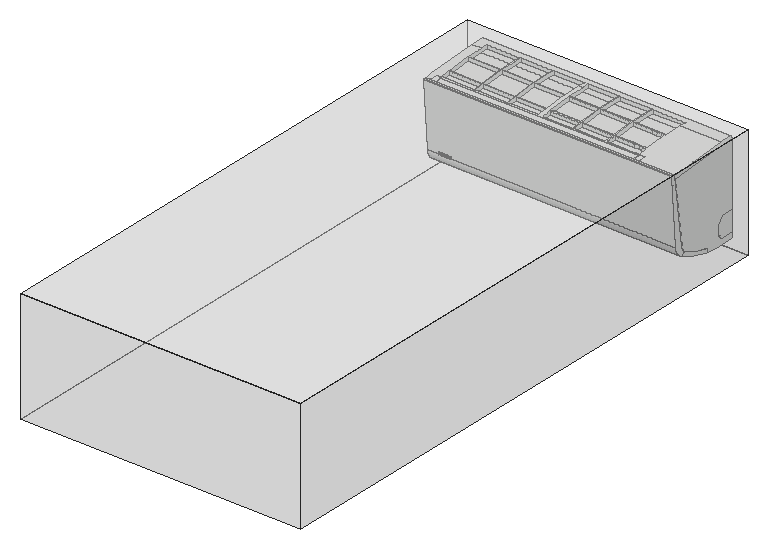
Revit family "outputfile", category 機械設備, Revit 2024
Family settings
  丸型コネクタ寸法 = 半径を使用
  パーツ タイプ = 標準
  OmniClass 番号 = 23.75.10.24.21.27.27
  OmniClass タイトル = Split System Air Conditioning Units
  作業面ベース = いいえ
  常に垂直 = はい
  ロード時にボイドで切り取り = いいえ
  注釈の向きを維持 = いいえ
  共有 = いいえ
  部屋計算ポイント = いいえ
Parameters (values of type "FTKF35CVA")
  Description = ""
  書き出し IFC クラス(タイプ) = "IfcUnitaryEquipmentType"
  定義済み IFC タイプ(タイプ) = "AIRCONDITIONINGUNIT"
  Cost = 0
  Type Comments = ""
  Keynote = ""
  Type Image = (empty or 0)
  Assembly Code = ""
  switch_frequency = yes
  lw_connection [instance] = if(Width = 730.0 mm, 85.0 mm, if(Width = 770.0 mm, 48.0 mm, 60.0 mm))  # 48.0 mm
  製造元 = "Daikin"
  モデル = "FTKF35CVA"
  r_Liquid Pipe Size = Liquid Pipe Size / 2  # 3.2 mm
  r_Gas Pipe Size = Gas Pipe Size / 2  # 4.75 mm
  r_Drain Pipe Size = Drain Pipe Size / 2  # 9.55 mm
  lw_powersupply [instance] = if(Width = 730.0 mm, if(or(Rear Right Connection_refrigerant, Bottom Right Connection_refrigerant), 65.0 mm, if(or(Rear Left Connection_refrigerant, Bottom Left Connection_refrigerant), 695.0 mm, 400.0 mm)), if(Width = 770.0 mm, if(or(Rear Right Connection_refrigerant, Bottom Right Connection_refrigerant), 68.0 mm, if(or(Rear Left Connection_refrigerant, Bottom Left Connection_refrigerant), 705.0 mm, 400.0 mm)), if(or(Rear Right Connection_refrigerant, Bottom Right Connection_refrigerant), 83.0 mm, if(or(Rear Left Connection_refrigerant, Bottom Left Connection_refrigerant), 928.0 mm, 400.0 mm))))  # 400.0 mm
  lw_liquidpipe [instance] = if(Width = 730.0 mm, if(or(Rear Right Connection_refrigerant, Bottom Right Connection_refrigerant), 0.0 mm, if(or(Rear Left Connection_refrigerant, Bottom Left Connection_refrigerant), 582.0 mm, 473.0 mm)), if(Width = 770.0 mm, if(or(Rear Right Connection_refrigerant, Bottom Right Connection_refrigerant), 0.0 mm, if(or(Rear Left Connection_refrigerant, Bottom Left Connection_refrigerant), 682.0 mm, 385.0 mm)), if(or(Rear Right Connection_refrigerant, Bottom Right Connection_refrigerant), 10.0 mm, if(or(Rear Left Connection_refrigerant, Bottom Left Connection_refrigerant), 858.0 mm, 435.0 mm))))  # 385.0 mm
  lw_gaspipe [instance] = if(Width = 730.0 mm, if(or(Rear Right Connection_refrigerant, Bottom Right Connection_refrigerant), 0.0 mm, if(or(Rear Left Connection_refrigerant, Bottom Left Connection_refrigerant), 576.0 mm, 428.0 mm)), if(Width = 770.0 mm, if(or(Rear Right Connection_refrigerant, Bottom Right Connection_refrigerant), 0.0 mm, if(or(Rear Left Connection_refrigerant, Bottom Left Connection_refrigerant), 675.0 mm, 335.0 mm)), if(or(Rear Right Connection_refrigerant, Bottom Right Connection_refrigerant), 0.0 mm, if(or(Rear Left Connection_refrigerant, Bottom Left Connection_refrigerant), 851.0 mm, 400.0 mm))))  # 335.0 mm
  lw_drainpipe [instance] = if(Width = 730.0 mm, if(or(Rear Right Connection_refrigerant, Bottom Right Connection_refrigerant), 0.0 mm, if(or(Rear Left Connection_refrigerant, Bottom Left Connection_refrigerant), 590.0 mm, 488.0 mm)), if(Width = 770.0 mm, if(or(Rear Right Connection_refrigerant, Bottom Right Connection_refrigerant), 0.0 mm, if(or(Rear Left Connection_refrigerant, Bottom Left Connection_refrigerant), 695.0 mm, 440.0 mm)), if(or(Rear Right Connection_refrigerant, Bottom Right Connection_refrigerant), 0.0 mm, if(or(Rear Left Connection_refrigerant, Bottom Left Connection_refrigerant), 888.0 mm, 475.0 mm))))  # 440.0 mm
  l_powersupply_length [instance] = if(Width = 730.0 mm, if(Right Connection_refrigerant, 400.0 mm, if(Left Connection_refrigerant, 330.0 mm, if(or(Bottom Left Connection_refrigerant, Bottom Right Connection_refrigerant), 57.0 mm, if(or(Rear Left Connection_refrigerant, Rear Right Connection_refrigerant), 15.0 mm, 50.0 mm)))), if(Width = 770.0 mm, if(Right Connection_refrigerant, 400.0 mm, if(Left Connection_refrigerant, 370.0 mm, if(or(Bottom Left Connection_refrigerant, Bottom Right Connection_refrigerant), 57.0 mm, if(or(Rear Left Connection_refrigerant, Rear Right Connection_refrigerant), 15.0 mm, 50.0 mm)))), if(Right Connection_refrigerant, 400.0 mm, if(Left Connection_refrigerant, 590.0 mm, if(or(Bottom Left Connection_refrigerant, Bottom Right Connection_refrigerant), 57.0 mm, if(or(Rear Left Connection_refrigerant, Rear Right Connection_refrigerant), 15.0 mm, 50.0 mm))))))  # 400.0 mm
  l_liquidpipe_length [instance] = if(Width = 730.0 mm, if(Right Connection_refrigerant, 558.0 mm, if(Left Connection_refrigerant, 172.0 mm, if(or(Bottom Left Connection_refrigerant, Bottom Right Connection_refrigerant), 48.0 mm, if(or(Rear Left Connection_refrigerant, Rear Right Connection_refrigerant), 30.0 mm, 40.0 mm)))), if(Width = 770.0 mm, if(Right Connection_refrigerant, 433.0 mm, if(Left Connection_refrigerant, 337.0 mm, if(or(Bottom Left Connection_refrigerant, Bottom Right Connection_refrigerant), 48.0 mm, if(or(Rear Left Connection_refrigerant, Rear Right Connection_refrigerant), 30.0 mm, 40.0 mm)))), if(Right Connection_refrigerant, 495.0 mm, if(Left Connection_refrigerant, 495.0 mm, if(or(Bottom Left Connection_refrigerant, Bottom Right Connection_refrigerant), 48.0 mm, if(or(Rear Left Connection_refrigerant, Rear Right Connection_refrigerant), 30.0 mm, 40.0 mm))))))  # 433.0 mm
  l_gaspipe_length [instance] = if(Width = 730.0 mm, if(Right Connection_refrigerant, 513.0 mm, if(Left Connection_refrigerant, 217.0 mm, if(or(Bottom Left Connection_refrigerant, Bottom Right Connection_refrigerant), 57.0 mm, if(or(Rear Left Connection_refrigerant, Rear Right Connection_refrigerant), 40.0 mm, 50.0 mm)))), if(Width = 770.0 mm, if(Right Connection_refrigerant, 383.0 mm, if(Left Connection_refrigerant, 387.0 mm, if(or(Bottom Left Connection_refrigerant, Bottom Right Connection_refrigerant), 57.0 mm, if(or(Rear Left Connection_refrigerant, Rear Right Connection_refrigerant), 40.0 mm, 50.0 mm)))), if(Right Connection_refrigerant, 460.0 mm, if(Left Connection_refrigerant, 530.0 mm, if(or(Bottom Left Connection_refrigerant, Bottom Right Connection_refrigerant), 57.0 mm, if(or(Rear Left Connection_refrigerant, Rear Right Connection_refrigerant), 40.0 mm, 50.0 mm))))))  # 383.0 mm
  l_drainpipe_length [instance] = if(Width = 730.0 mm, if(Right Connection_refrigerant, 573.0 mm, if(Left Connection_refrigerant, 157.0 mm, if(or(Bottom Left Connection_refrigerant, Bottom Right Connection_refrigerant), 35.0 mm, if(or(Rear Left Connection_refrigerant, Rear Right Connection_refrigerant), 15.0 mm, 20.0 mm)))), if(Width = 770.0 mm, if(Right Connection_refrigerant, 488.0 mm, if(Left Connection_refrigerant, 282.0 mm, if(or(Bottom Left Connection_refrigerant, Bottom Right Connection_refrigerant), 35.0 mm, if(or(Rear Left Connection_refrigerant, Rear Right Connection_refrigerant), 15.0 mm, 20.0 mm)))), if(Right Connection_refrigerant, 535.0 mm, if(Left Connection_refrigerant, 455.0 mm, if(or(Bottom Left Connection_refrigerant, Bottom Right Connection_refrigerant), 35.0 mm, if(or(Rear Left Connection_refrigerant, Rear Right Connection_refrigerant), 15.0 mm, 20.0 mm))))))  # 488.0 mm
  h*** = 0.0 mm  # constant formula
  connector_voltage = Voltage_60Hz  # 220 V
  connector_powerinput = [Power Input (Cooling)]  # 0.000 kW
  connector_phase = Phase_60Hz  # 1
  angle_vertical [instance] = if(or(Bottom Left Connection_refrigerant, Bottom Right Connection_refrigerant), 0.00°, 90.00°)  # 90.00°
  angle_horizontal [instance] = if(Right Connection_refrigerant, 90.00°, if(Left Connection_refrigerant, -90.00°, if(or(Rear Left Connection_refrigerant, Rear Right Connection_refrigerant), 180.00°, 0.00°)))  # 90.00°
  Width = 770.0 mm
  Voltage_comment_60Hz = "220"
  Voltage_60Hz = 220 V
  Version = "ver.1.0"
  Unit Type = "Wall Mounted"
  Unit Mass Weight = 9.00 kg
  Unit Designation [instance] = ""
  Uniclass2015Version = "Products v1.30"
  Uniclass2015Title = "Split coil room air conditioning units"
  Uniclass2015Code = "Pr_70_65_03_86"
  URL = ""
  Total Cooling Capacity [instance] = 0.000 kW
  Sound Pressure Level_M speed (dBA) = 34
  Sound Pressure Level_L speed (dBA) = 26
  Sound Pressure Level_H speed (dBA) = 39
  Sound Power Level_H speed (dB) = 0
  Series = "Single Split_Fan Coil Unit"
  Sensible Cooling Capacity [instance] = 0.000 kW
  Refrigerant Type = "R32"
  Power Input (Cooling) = 0.000 kW
  Phase_60Hz = 1
  Option Accessory 3 [instance] = ""
  Option Accessory 2 [instance] = ""
  Option Accessory 1 [instance] = ""
  Nominal Cooling Capacity = 3.600 kW
  Minimum Circuit Amps_60Hz = 0.0 A
  Minimum Airflow = 425.00 m³/h
  Median Airflow = 561.00 m³/h
  Maximum Fuse Amps_60Hz = 0.0 A
  Maximum Airflow = 680.00 m³/h
  Material_Casing = DAIKIN_White_Casing_indoorunit
  Load Classification = HVAC
  Liquid Pipe Size = 6.4 mm
  Link_Nested Family [instance] = ""
  IfcVersion = ""
  IfcExportType = "AIRCONDITIONINGUNIT"
  IfcExportAs = "IfcUnitaryEquipmentType"
  Height = 288.0 mm
  Heat Exchanger Type = "Cross Fin Coil"
  Gas Pipe Size = 9.5 mm
  Frequency_60Hz = 60 Hz
  Fan Type = "Cross Flow Fan"
  Fan Drive = "Direct Drive"
  FCU Tag No. [instance] = ""
  Drain Pipe Size = 19.1 mm
  Design Supply Airflow [instance] = 0.00 m³/h
  Depth = 234.0 mm
  既定の高さ = 0.0 mm
  Cooling Entering Wet Bulb Temperature [instance] = 0.00 °C
  Cooling Entering Dry Bulb Temperature [instance] = 0.00 °C
  Cooling Ambient Wet Bulb Temperature [instance] = 0.00 °C
  Cooling Ambient Dry Bulb Temperature [instance] = 0.00 °C
  Clearance visibility [instance] = yes
  Clearance Top = 30.0 mm
  Clearance Right = 50.0 mm
  Clearance Rear = 0.0 mm
  Clearance Left = 50.0 mm
  Clearance Front = 1500.0 mm
  Clearance Bottom = 30.0 mm
  Bottom Right Connection_refrigerant [instance] = no
  Bottom Left Connection_refrigerant [instance] = no
  Rear Right Connection_refrigerant [instance] = no
  Rear Left Connection_refrigerant [instance] = no
  Right Connection_refrigerant [instance] = yes
  Left Connection_refrigerant [instance] = no
Reference planes
  plane 1 "Back": y = 0
  plane 2: z = 0
  plane 3 "Center (Left/Right)": x = 0
  plane 4 "Center (Front/Back)": y = -117
  plane 5 "Front": y = -234
  plane 6 "Left": x = -385
  plane 7 "Right": x = 385
  plane 8 "Top": z = 0
  plane 9 "Bottom": z = -288
  plane 10 "Front panel_Left": x = -383
  plane 11 "Front panel_Right": x = 383
  plane 12: x = 249
  plane 13: x = 244
  plane 14: x = -435
  plane 15: x = 435
  plane 16: y = 0
  plane 17: y = -213
  plane 18: z = 30
  plane 19: z = -318
  plane 20 "lw_Piping and Wiring intake": x = 337
  plane 21 "lw_gaspipe": x = 2
  plane 22 "lw_liquidpipe": x = -48
  plane 23 "lw_drainpipe": x = -103
  plane 24 "lh_drainpipe": z = -253
  plane 25 "lh_liquidpipe": z = -240
  plane 26 "lh_gaspipe": z = -231
  plane 27 "ld_drainpipe": y = -15
  plane 28 "ld_liquidpipe": y = -30
  plane 29 "ld_gaspipe": y = -40
  plane 30 "lw_powersupply": x = -15
  plane 31: y = -1734
Dimensions and locks
  equal spacing: plane 6 "Left", plane 3 "Center (Left/Right)", plane 7 "Right"
  "Width": plane 6 "Left" to plane 7 "Right"
  equal spacing: plane 5 "Front", plane 4 "Center (Front/Back)", plane 1 "Back"
  "Depth": plane 5 "Front" to plane 1 "Back"
  "Height": plane 8 "Top" to plane 9 "Bottom"
  locked: plane 10 "Front panel_Left" to plane 6 "Left" at 2
  locked: plane 7 "Right" to plane 11 "Front panel_Right" at 2
  locked: plane 7 "Right" to plane 12 at 136
  locked: plane 12 to plane 13 at 5
  "Clearance Rear": plane 16 to plane 1 "Back"
  "Clearance Top": plane 18 to plane 8 "Top"
  "Clearance Bottom": plane 9 "Bottom" to plane 19
  "lw_connection": plane 20 "lw_Piping and Wiring intake" to plane 7 "Right"
  "lw_gaspipe": plane 21 "lw_gaspipe" to plane 20 "lw_Piping and Wiring intake"
  "lw_liquidpipe": plane 22 "lw_liquidpipe" to plane 20 "lw_Piping and Wiring intake"
  "lw_drainpipe": plane 23 "lw_drainpipe" to plane 20 "lw_Piping and Wiring intake"
  locked: plane 24 "lh_drainpipe" to plane 9 "Bottom" at 35
  locked: plane 25 "lh_liquidpipe" to plane 9 "Bottom" at 48
  locked: plane 26 "lh_gaspipe" to plane 9 "Bottom" at 57
  locked: plane 27 "ld_drainpipe" to plane 1 "Back" at 15
  locked: plane 1 "Back" to plane 28 "ld_liquidpipe" at 30
  locked: plane 1 "Back" to plane 29 "ld_gaspipe" at 40
  "lw_powersupply": plane 30 "lw_powersupply" to plane 7 "Right"
  "Clearance Left": plane 14 to plane 6 "Left"
  "Clearance Right": plane 7 "Right" to plane 15
  "Clearance Front": plane 5 "Front" to plane 31
  aligned and locked: level to plane 2
  aligned and locked: plane 16 to nested 1
  aligned and locked: nested 1 to plane 14
  aligned and locked: nested 1 to plane 15
  aligned and locked: plane 19 to nested 1
  aligned and locked: plane 18 to nested 1
  aligned and locked: plane 21 "lw_gaspipe" to nested 2
  aligned and locked: nested 2 to plane 29 "ld_gaspipe"
  aligned and locked: plane 22 "lw_liquidpipe" to nested 3
  aligned and locked: nested 3 to plane 28 "ld_liquidpipe"
  aligned and locked: plane 23 "lw_drainpipe" to nested 4
  aligned and locked: nested 4 to plane 27 "ld_drainpipe"
  aligned and locked: nested 5 to plane 27 "ld_drainpipe"
  aligned and locked: plane 30 "lw_powersupply" to nested 5
  aligned and locked: level to plane 8 "Top"
  aligned and locked: nested 1 to plane 31
Nested families
  nested 1: "daikin_clearancespace" at (0, -867, -143.881), show <- "Clearance visibility", visible <- "Clearance visibility", Link_Nested Family <- "Link_Nested Family", type "daikin_clearancespace"
    with width 870.0 mm, show yes, height 348.0 mm, depth 1734.0 mm, Link_Nested Family ""
  nested 2: "daikin_connector_rotate3" at (2, -40, -231), angle_vertical <- "angle_vertical", angle_horizontal <- "angle_horizontal", length <- "l_gaspipe_length", radius <- "r_Gas Pipe Size", type "daikin_connector_rotate3"
    with show no, radius 4.75 mm, length 383.0 mm, angle_vertical 90.00°, angle_horizontal 90.00°
  nested 3: "daikin_connector_rotate3" at (-48, -30, -240), angle_vertical <- "angle_vertical", angle_horizontal <- "angle_horizontal", radius <- "r_Liquid Pipe Size", length <- "l_liquidpipe_length", type "daikin_connector_rotate3"
    with show no, radius 3.2 mm, length 433.0 mm, angle_vertical 90.00°, angle_horizontal 90.00°
  nested 4: "daikin_connector_rotate3" at (-103, -15, -253), angle_vertical <- "angle_vertical", angle_horizontal <- "angle_horizontal", length <- "l_drainpipe_length", radius <- "r_Drain Pipe Size", type "daikin_connector_rotate3"
    with show no, radius 9.55 mm, length 488.0 mm, angle_vertical 90.00°, angle_horizontal 90.00°
  nested 5: "daikin_connector_rotate3" at (-15, -15, -231), angle_vertical <- "angle_vertical", angle_horizontal <- "angle_horizontal", length <- "l_powersupply_length", type "daikin_connector_rotate3"
    with show no, radius 10.0 mm, length 400.0 mm, angle_vertical 90.00°, angle_horizontal 90.00°
  nested 6: "DAIKIN_indoorunit_FTKF-CVA" at (-31, 0, 0), type "FTKF-CVA"
    with switch_unit1_35-50 yes, switch_unit1_20-25 no, Width 770.0 mm, WALL HOLE-R 48.0 mm, Height 288.0 mm
Connectors
  piping at (385, -40, -231), diameter 9.5, driven by "r_Gas Pipe Size"
    settings: on nested 2, index 1, connector inside diameter 609.6 mm, connector length 0.0 mm, flow factor 0, pipe flow 0.00 m³/h, pressure drop 0.0 Pa, fitting loss kfactor 0, connector angle 0.00°, fixture units 0, engagement length 0.0 mm, angle of deflection 0.00°, flow configuration 1, flow direction 2, fitting loss method 0, system type 29, joint type 0, gender type 0, connector reference index -1, connector utility 0, adjustable connector no, is connector primary yes, connector description "Refrigerant Gas Piping"
  piping at (385, -30, -240), diameter 6.4, driven by "r_Liquid Pipe Size"
    settings: on nested 3, index 2, connector inside diameter 609.6 mm, connector length 0.0 mm, flow factor 0, pipe flow 0.00 m³/h, pressure drop 0.0 Pa, fitting loss kfactor 0, connector angle 0.00°, fixture units 0, engagement length 0.0 mm, angle of deflection 0.00°, flow configuration 1, flow direction 1, fitting loss method 0, system type 29, joint type 0, gender type 0, connector reference index -1, connector utility 0, adjustable connector no, is connector primary no, connector description "Refrigerant Liquid Piping"
  piping at (385, -15, -253), diameter 19.1, driven by "r_Drain Pipe Size"
    settings: on nested 4, index 3, connector inside diameter 609.6 mm, connector length 0.0 mm, flow factor 0, pipe flow 0.00 m³/h, pressure drop 0.0 Pa, fitting loss kfactor 0, connector angle 0.00°, fixture units 0, engagement length 0.0 mm, angle of deflection 0.00°, flow configuration 1, flow direction 2, fitting loss method 4, system type 16, joint type 0, gender type 0, connector reference index -1, connector utility 0, adjustable connector no, is connector primary no, connector description "Condensate Drain Piping"
  electrical at (385, -15, -231), driven by "Load Classification", driven by "connector_phase", driven by "connector_powerinput", driven by "connector_voltage"
    settings: on nested 5, index 4, voltage 220 V, apparent load 0 VA, apparent load phase1 0 VA, apparent load phase2 0 VA, apparent load phase3 0 VA, power factor 1, load classification "HVAC", number of poles 1, system type 30, power factor state 1, is connector primary yes, connector utility no, sub classification motor no, connector description "Power Supply"
Definition of nested family "daikin_clearancespace"
  Parameters (values of type "daikin_clearancespace")
    Description = "daikin_clearancespace"
    width [instance] = 1823.963 mm
    show [instance] = yes
    material = none
    height [instance] = 1359.762 mm
    depth [instance] = 880.0 mm
    Default Elevation = 0.0 mm
    Link_Nested Family [instance] = ""
  Reference planes
    plane 1 "Center (Front/Back)": y = 0
    plane 2 "Center (Elevation)": z = -0.119
    plane 3 "Center (Left/Right)": x = 0
    plane 4: y = 440
    plane 5: y = -440
    plane 6 "Right": x = 911.982
    plane 7 "Left": x = -911.982
    plane 8 "Top": z = 679.762
    plane 9 "Bottom": z = -680
  Forms (mm)
    Extrusion 1, solid, material <- "material", visible <- "show"
      sketch origin (0, 0, 0) x (1, 0, 0) y (0, 1, 0)
        loop
          line (-911.982, 440) -> (-911.982, -440) -> (911.982, -440) -> (911.982, 440) -> (-911.982, 440)
      from -680 to 679.762
  Lines and regions (mm)
    symbolic lines, visible <- "show"
      curve 1: line (911.982, 440, 0) -> (-911.982, 440, 0)
      curve 2: line (-911.982, 440, 0) -> (-911.982, -440, 0)
      curve 3: line (-911.982, -440, 0) -> (911.982, -440, 0)
      curve 4: line (911.982, -440, 0) -> (911.982, 440, 0)
      curve 5: line (911.982, 0, 679.762) -> (-911.982, 0, 679.762)
      curve 6: line (911.982, 0, -680) -> (911.982, 0, 679.762)
      curve 7: line (-911.982, 0, -680) -> (911.982, 0, -680)
      curve 8: line (-911.982, 0, 679.762) -> (-911.982, 0, -680)
      curve 9: line (0, 440, 679.762) -> (0, -440, 679.762)
      curve 10: line (0, -440, 679.762) -> (0, -440, -680)
      curve 11: line (0, 440, -680) -> (0, 440, 679.762)
      curve 12: line (0, -440, -680) -> (0, 440, -680)
  Dimensions and locks
    "width": plane 7 "Left" to plane 6 "Right"
    "depth": plane 4 to plane 5
    "height": plane 8 "Top" to plane 9 "Bottom"
    equal spacing: plane 7 "Left", plane 3 "Center (Left/Right)", plane 6 "Right"
    equal spacing: plane 4, plane 1 "Center (Front/Back)", plane 5
    equal spacing: plane 8 "Top", plane 2 "Center (Elevation)", plane 9 "Bottom"
    aligned and locked: level to plane 2 "Center (Elevation)"
    aligned and locked: Extrusion 1 sketch curve to plane 4
    aligned and locked: plane 7 "Left" to Extrusion 1 sketch curve
    aligned and locked: Extrusion 1 sketch curve to plane 5
    aligned and locked: Extrusion 1 sketch curve to plane 6 "Right"
    aligned and locked: plane 8 "Top" to Extrusion 1
    aligned and locked: curve 1 to Extrusion 1
    aligned and locked: curve 2 to Extrusion 1
    aligned and locked: curve 3 to Extrusion 1
    aligned and locked: curve 4 to Extrusion 1
    aligned and locked: curve 5 to Extrusion 1
    aligned and locked: curve 6 to Extrusion 1
    aligned and locked: curve 7 to Extrusion 1
    aligned and locked: curve 8 to Extrusion 1
    aligned and locked: curve 9 to Extrusion 1
    aligned and locked: curve 10 to Extrusion 1
    aligned and locked: curve 11 to Extrusion 1
    aligned and locked: curve 12 to Extrusion 1
    aligned and locked: Extrusion 1 to plane 9 "Bottom"
Definition of nested family "DAIKIN_indoorunit_FTKF-CVA"
  Parameters (values of type "FTKF-CVA")
    switch_unit1_60-71 = Width = 990.0 mm  # no
    switch_unit1_35-50 = Width = 770.0 mm  # no
    switch_unit1_20-25 = Width = 730.0 mm  # yes
    Width = 730.0 mm
    WALL HOLE-R = if(Width = 730.0 mm, 79.0 mm, 48.0 mm)  # 79.0 mm
    Material_Casing = none
    Height = if(Width = 730.0 mm, 280.0 mm, if(Width = 770.0 mm, 288.0 mm, 297.0 mm))  # 280.0 mm
    Default Elevation = 0.0 mm
  Reference planes
    plane 1 "Center (Front/Back)": y = 0
    plane 2 "reference_level": z = 0
    plane 3 "Center (Left/Right)": x = 31
    plane 4: x = -334
    plane 5: x = 396
    plane 6: z = -280
  Forms (mm)
    Extrusion 1, solid, material <- "Material_Casing", visible <- "switch_unit1_20-25"
      sketch origin (31, 0, 0) x (0, 1, 0) y (0, 0, 1)
        loop
          line (-109.519, -8) -> (-2.596, -8) -> (-8.198, 0) -> (-109.608, 0)
          arc (-109.608, 0) -> (-157.226, -5.2) -> (-202.599, -20.555) r 220.623
          line (-202.599, -20.555) -> (-202.447, -29.25)
          arc (-202.447, -29.25) -> (-157.182, -13.38) -> (-109.519, -8) r 213.82
      from -365 to 365
    Extrusion 2, solid, material <- "Material_Casing", visible <- "switch_unit1_20-25"
      sketch origin (416, 1304.033, 1200.206) x (0, 1, 0) y (0, 0, 1)
        loop
          arc (-1496.513, -1423.164) -> (-1487.225, -1434.204) -> (-1476.373, -1443.711) r 95
          arc (-1476.373, -1443.711) -> (-1448.371, -1461.92) -> (-1418.191, -1476.232) r 250
          line (-1418.191, -1476.232) -> (-1418.191, -1465.318)
          arc (-1418.191, -1465.318) -> (-1445.052, -1452.134) -> (-1470.063, -1435.711) r 240
          arc (-1470.063, -1435.711) -> (-1477.766, -1429.186) -> (-1484.641, -1421.794) r 85
          line (-1484.641, -1421.794) -> (-1496.513, -1423.164)
      from -20 to -177
    Extrusion 3, solid, material <- "Material_Casing", visible <- "switch_unit1_20-25"
      sketch origin (31, 0, 0) x (0, 1, 0) y (0, 0, 1)
        loop
          line (-202.769, -10.816) -> (-211.618, -13.692)
          arc (-211.618, -13.692) -> (-212.628, -14.432) -> (-213, -15.629) r 2
          line (-213, -15.629) -> (-210.348, -167.5)
          arc (-210.348, -167.5) -> (-206.029, -195.818) -> (-193.465, -221.562) r 95
          line (-193.465, -221.562) -> (-181.653, -220.199)
          arc (-181.653, -220.199) -> (-195.31, -195.356) -> (-200.037, -167.403) r 85
          line (-200.037, -167.403) -> (-202.769, -10.816)
      from -365 to 365
    Extrusion 4, solid, material <- "Material_Casing", visible <- "switch_unit1_20-25"
      sketch origin (31, 0, 0) x (0, 1, 0) y (0, 0, 1)
        loop
          line (0, -280) -> (0, -11.707) -> (-2.596, -8) -> (-109.519, -8)
          arc (-109.519, -8) -> (-156.378, -13.198) -> (-200.959, -28.539) r 213.82
          line (-200.959, -28.539) -> (-198.537, -167.295)
          arc (-198.537, -167.295) -> (-189.766, -204.754) -> (-165.131, -234.305) r 83.5
          arc (-165.131, -234.305) -> (-139.841, -250.873) -> (-112.659, -264.109) r 238.5
          line (-112.659, -264.109) -> (-112.659, -276.338)
          arc (-112.659, -276.338) -> (-100.834, -279.079) -> (-88.731, -280) r 80
          line (-88.731, -280) -> (0, -280)
      from -365 to 365
    Extrusion 5, solid, material <- "Material_Casing", visible <- "switch_unit1_20-25"
      sketch origin (-354, 1304.033, 1200.206) x (0, 1, 0) y (0, 0, 1)
        loop
          arc (-1496.513, -1423.164) -> (-1487.225, -1434.204) -> (-1476.373, -1443.711) r 95
          arc (-1476.373, -1443.711) -> (-1448.371, -1461.92) -> (-1418.191, -1476.232) r 250
          line (-1418.191, -1476.232) -> (-1418.191, -1465.318)
          arc (-1418.191, -1465.318) -> (-1445.052, -1452.134) -> (-1470.063, -1435.711) r 240
          arc (-1470.063, -1435.711) -> (-1477.766, -1429.186) -> (-1484.641, -1421.794) r 85
          line (-1484.641, -1421.794) -> (-1496.513, -1423.164)
      from 72 to 20
    Extrusion 6, solid, material <- "Material_Casing", visible <- "switch_unit1_20-25"
      sketch origin (31, 7.782, 0.206) x (0, 1, 0) y (0, 0, 1)
        loop
          line (-188.39, -221.794) -> (-200.262, -223.164)
          arc (-200.262, -223.164) -> (-190.975, -234.204) -> (-180.122, -243.711) r 95
          arc (-180.122, -243.711) -> (-152.12, -261.92) -> (-121.941, -276.232) r 250
          line (-121.941, -276.232) -> (-121.941, -265.318)
          arc (-121.941, -265.318) -> (-148.801, -252.134) -> (-173.813, -235.711) r 240
          arc (-173.813, -235.711) -> (-181.515, -229.186) -> (-188.39, -221.794) r 85
      from 204 to -309
    Extrusion 7, void
      sketch origin (31, 0, -235) x (1, 0, 0) y (0, 1, 0)
        loop
          line (-324.633, -72.419) -> (-304, -73.5) -> (-234.9, -73.5) -> (-234.9, -24.5) -> (-324.633, -24.5) -> (-324.633, -72.419)
        loop
          line (-304, -74.9) -> (-324.633, -75.939) -> (-324.633, -139.819) -> (-304, -140.9) -> (-234.9, -140.9) -> (-234.9, -74.9) -> (-304, -74.9)
        loop
          line (-304, -142.3) -> (-324.633, -143.326) -> (-324.633, -182.209) -> (-300, -183.5) -> (-234.9, -183.5) -> (-234.9, -142.3) -> (-304, -142.3)
        loop
          line (-233.5, -142.3) -> (-233.5, -183.5) -> (-146.9, -183.5) -> (-146.9, -142.3) -> (-233.5, -142.3)
        loop
          line (-233.5, -140.9) -> (-146.9, -140.9) -> (-146.9, -74.9) -> (-233.5, -74.9) -> (-233.5, -140.9)
        loop
          line (-233.5, -73.5) -> (-146.9, -73.5) -> (-146.9, -24.5) -> (-233.5, -24.5) -> (-233.5, -73.5)
        loop
          line (-145.5, -73.5) -> (-74.9, -73.5) -> (-54.9, -72.452) -> (-54.9, -24.5) -> (-145.5, -24.5) -> (-145.5, -73.5)
        loop
          line (-145.5, -74.9) -> (-145.5, -140.9) -> (-74.9, -140.9) -> (-54.9, -139.852) -> (-54.9, -75.948) -> (-74.9, -74.9) -> (-145.5, -74.9)
        loop
          line (-145.5, -142.3) -> (-145.5, -183.5) -> (-74.9, -183.5) -> (-54.9, -182.452) -> (-54.9, -143.348) -> (-74.9, -142.3) -> (-145.5, -142.3)
        loop
          line (-53.5, -24.5) -> (-53.5, -72.452) -> (-33.5, -73.5) -> (36.5, -73.5) -> (36.5, -24.5) -> (-53.5, -24.5)
        loop
          line (-53.5, -75.948) -> (-53.5, -139.852) -> (-33.5, -140.9) -> (36.5, -140.9) -> (36.5, -74.9) -> (-33.5, -74.9) -> (-53.5, -75.948)
        loop
          line (-33.5, -142.3) -> (-53.5, -143.348) -> (-53.5, -182.452) -> (-33.5, -183.5) -> (36.5, -183.5) -> (36.5, -142.3) -> (-33.5, -142.3)
        loop
          line (37.9, -24.5) -> (37.9, -73.5) -> (124.9, -73.5) -> (124.9, -24.5) -> (37.9, -24.5)
        loop
          line (37.9, -74.9) -> (37.9, -140.9) -> (124.9, -140.9) -> (124.9, -74.9) -> (37.9, -74.9)
        loop
          line (37.9, -142.3) -> (37.9, -183.5) -> (124.9, -183.5) -> (124.9, -142.3) -> (37.9, -142.3)
        loop
          line (126.3, -24.5) -> (126.3, -73.5) -> (195.6, -73.5) -> (216, -72.431) -> (216, -24.5) -> (126.3, -24.5)
        loop
          line (126.3, -74.9) -> (126.3, -140.9) -> (198.5, -140.9) -> (216, -139.983) -> (216, -75.817) -> (198.5, -74.9) -> (126.3, -74.9)
        loop
          line (126.3, -142.3) -> (126.3, -183.5) -> (198.337, -183.5) -> (216, -182.623) -> (216, -143.217) -> (198.5, -142.3) -> (126.3, -142.3)
      from 201.638 to 250
    Extrusion 8, solid, material <- "Material_Casing"
      sketch origin (31, 0, 0) x (1, 0, 0) y (0, 0, 1)
        loop
          circle (286, -235) r 40
        loop
          circle (-317, -235) r 40
      from 0 to 5
    Extrusion 9, solid, material <- "Material_Casing", visible <- "switch_unit1_20-25"
      sketch origin (396, 1296.25, 1200) x (0, -1, 0) y (0, 0, 1)
        loop
          line (1326.25, -1413) -> (1296.25, -1413) -> (1296.25, -1473) -> (1326.25, -1473)
          arc (1326.25, -1473) -> (1340.393, -1467.142) -> (1346.25, -1453) r 20
          line (1346.25, -1453) -> (1346.25, -1433)
          arc (1346.25, -1433) -> (1340.393, -1418.858) -> (1326.25, -1413) r 20
      from 0 to 5
    Extrusion 10, solid, material <- "Material_Casing", visible <- "switch_unit1_20-25"
      sketch origin (-334, 1296.25, 1200) x (0, 1, 0) y (0, 0, 1)
        loop
          line (-1296.25, -1413) -> (-1326.25, -1413)
          arc (-1326.25, -1413) -> (-1340.393, -1418.858) -> (-1346.25, -1433) r 20
          line (-1346.25, -1433) -> (-1346.25, -1453)
          arc (-1346.25, -1453) -> (-1340.393, -1467.142) -> (-1326.25, -1473) r 20
          line (-1326.25, -1473) -> (-1296.25, -1473) -> (-1296.25, -1413)
      from 0 to 5
    Extrusion 11, solid, material <- "Material_Casing", visible <- "switch_unit1_20-25"
      sketch origin (11, 0, -285) x (-1, 0, 0) y (0, -1, 0)
        loop
          line (-279, 0) -> (-279, 30)
          arc (-279, 30) -> (-284.419, 43.081) -> (-297.5, 48.5) r 18.5
          line (-297.5, 48.5) -> (-320.5, 48.5)
          arc (-320.5, 48.5) -> (-333.581, 43.081) -> (-339, 30) r 18.5
          line (-339, 30) -> (-339, 0) -> (-279, 0)
        loop
          line (326, 0) -> (326, 30)
          arc (326, 30) -> (320.581, 43.081) -> (307.5, 48.5) r 18.5
          line (307.5, 48.5) -> (284.5, 48.5)
          arc (284.5, 48.5) -> (271.419, 43.081) -> (266, 30) r 18.5
          line (266, 30) -> (266, 0) -> (326, 0)
      from 10 to 5
    Extrusion 12, solid, material <- "Material_Casing", visible <- "switch_unit1_35-50"
      sketch origin (31, 0, 0) x (0, 1, 0) y (0, 0, 1)
        loop
          line (-5, 0) -> (-45.84, 0)
          arc (-45.84, 0) -> (-135.906, -3.965) -> (-225.275, -15.831) r 1024.823
          arc (-225.275, -15.831) -> (-224.639, -21.302) -> (-223.878, -26.758) r 241.564
          arc (-223.878, -26.758) -> (-135.207, -14.947) -> (-45.84, -11) r 1013.66
          line (-45.84, -11) -> (0, -11) -> (0, -9.02) -> (-5, 0)
      from -385 to 385
    Extrusion 13, solid, material <- "Material_Casing", visible <- "switch_unit1_35-50"
      sketch origin (31, 0, 0) x (0, 1, 0) y (0, 0, 1)
        loop
          arc (-226.673, -12.416) -> (-229.519, -12.929) -> (-232.363, -13.449) r 1025.776
          arc (-232.363, -13.449) -> (-233.586, -14.198) -> (-233.994, -15.573) r 2
          line (-233.994, -15.573) -> (-218.08, -217.408)
          arc (-218.08, -217.408) -> (-211.296, -237.286) -> (-195.807, -251.472) r 42.415
          line (-195.807, -251.472) -> (-186.556, -243.946)
          arc (-186.556, -243.946) -> (-193.981, -235.221) -> (-197.648, -224.366) r 30.386
          line (-197.648, -224.366) -> (-226.673, -12.416)
      from -385 to 385
    Extrusion 14, void
      sketch origin (33, 0, 0) x (1, 0, 0) y (0, 1, 0)
        loop
          line (-357.499, -23.5) -> (-357.499, -96.7) -> (-255.999, -96.7) -> (-255.999, -23.5) -> (-357.499, -23.5)
        loop
          line (-255.999, -99.1) -> (-357.499, -99.1) -> (-357.499, -170.1) -> (-255.999, -170.1) -> (-255.999, -99.1)
        loop
          line (-255.999, -171.7) -> (-357.499, -171.7) -> (-357.499, -201.7) -> (-255.999, -201.7) -> (-255.999, -171.7)
        loop
          line (-253.399, -23.5) -> (-253.399, -96.7) -> (-153.899, -96.7) -> (-153.899, -23.5) -> (-253.399, -23.5)
        loop
          line (-253.399, -99.1) -> (-253.399, -170.1) -> (-153.899, -170.1) -> (-153.899, -99.1) -> (-253.399, -99.1)
        loop
          line (-153.899, -171.7) -> (-253.399, -171.7) -> (-253.399, -201.7) -> (-153.899, -201.7) -> (-153.899, -171.7)
        loop
          line (-56.549, -23.5) -> (-151.299, -23.5) -> (-151.299, -96.7) -> (-56.549, -96.7) -> (-56.549, -23.5)
        loop
          line (-151.299, -99.1) -> (-151.299, -170.1) -> (-56.549, -170.1) -> (-56.549, -99.1) -> (-151.299, -99.1)
        loop
          line (-56.549, -171.7) -> (-151.299, -171.7) -> (-151.299, -201.7) -> (-56.549, -201.7) -> (-56.549, -171.7)
        loop
          line (50.301, -23.5) -> (-44.549, -23.5) -> (-44.549, -96.7) -> (50.301, -96.7) -> (50.301, -23.5)
        loop
          line (-44.549, -99.1) -> (-44.549, -170.1) -> (50.301, -170.1) -> (50.301, -99.1) -> (-44.549, -99.1)
        loop
          line (50.301, -171.7) -> (-44.549, -171.7) -> (-44.549, -201.7) -> (50.301, -201.7) -> (50.301, -171.7)
        loop
          line (52.901, -23.5) -> (52.901, -96.7) -> (152.401, -96.7) -> (152.401, -23.5) -> (52.901, -23.5)
        loop
          line (52.901, -99.1) -> (52.901, -170.1) -> (152.401, -170.1) -> (152.401, -99.1) -> (52.901, -99.1)
        loop
          line (52.901, -171.7) -> (52.901, -201.7) -> (152.401, -201.7) -> (152.401, -171.7) -> (52.901, -171.7)
        loop
          line (155.001, -23.5) -> (155.001, -96.7) -> (256.501, -96.7) -> (256.501, -23.5) -> (155.001, -23.5)
        loop
          line (155.001, -99.1) -> (155.001, -170.1) -> (217.501, -170.1) -> (229.501, -170.1) -> (241.501, -170.1) -> (256.501, -170.1) -> (256.501, -152.1) -> (256.501, -134.1) -> (256.501, -116.1) -> (256.501, -99.1) -> (241.501, -99.1) -> (229.501, -99.1) -> (217.501, -99.1) -> (155.001, -99.1)
        loop
          line (155.001, -171.7) -> (155.001, -201.7) -> (217.501, -201.7) -> (229.501, -201.7) -> (241.501, -201.7) -> (256.501, -201.7) -> (256.501, -171.7) -> (241.501, -171.7) -> (229.501, -171.7) -> (217.501, -171.7) -> (155.001, -171.7)
      from -40.013 to 47.268
    Extrusion 15, solid, material <- "Material_Casing", visible <- "switch_unit1_35-50"
      sketch origin (-356, 1308.25, 1200) x (0, 1, 0) y (0, 0, -1)
        loop
          line (-1407.524, 1473.254) -> (-1407.524, 1484.154)
          arc (-1407.524, 1484.154) -> (-1456.679, 1472.122) -> (-1503.106, 1451.987) r 299.52
          line (-1503.106, 1451.987) -> (-1494.032, 1444.604)
          arc (-1494.032, 1444.604) -> (-1451.915, 1462.363) -> (-1407.524, 1473.254) r 288.723
      from -2 to -49.5
    Extrusion 16, solid, material <- "Material_Casing", visible <- "switch_unit1_35-50"
      sketch origin (418, 1308.25, 1200) x (0, 1, 0) y (0, 0, 1)
        loop
          arc (-1407.524, -1473.254) -> (-1451.915, -1462.363) -> (-1494.032, -1444.604) r 288.723
          line (-1494.032, -1444.604) -> (-1503.106, -1451.987)
          arc (-1503.106, -1451.987) -> (-1456.679, -1472.122) -> (-1407.524, -1484.154) r 299.52
          line (-1407.524, -1484.154) -> (-1407.524, -1473.254)
      from -2 to -119.5
    Extrusion 17, solid, material <- "Material_Casing", visible <- "switch_unit1_35-50"
      sketch origin (418, 1308.25, 1200) x (0, 1, 0) y (0, 0, 1)
        loop
          line (-1407.524, -1484.154) -> (-1407.524, -1473.254)
          arc (-1407.524, -1473.254) -> (-1451.915, -1462.363) -> (-1494.032, -1444.604) r 288.723
          line (-1494.032, -1444.604) -> (-1503.106, -1451.987)
          arc (-1503.106, -1451.987) -> (-1456.679, -1472.122) -> (-1407.524, -1484.154) r 299.52
      from -119.5 to -724.5
    Extrusion 18, solid, material <- "Material_Casing", visible <- "switch_unit1_35-50"
      sketch origin (31, 0, -30) x (0, 1, 0) y (0, 0, 1)
        loop
          arc (-45.84, 19) -> (-135.218, 15.052) -> (-223.901, 3.238) r 1013.66
          line (-223.901, 3.238) -> (-196.855, -194.257)
          arc (-196.855, -194.257) -> (-192.985, -205.344) -> (-185.107, -214.052) r 29.589
          arc (-185.107, -214.052) -> (-142.926, -231.76) -> (-98.473, -242.568) r 288.081
          line (-98.473, -242.568) -> (-98.525, -254.271)
          arc (-98.525, -254.271) -> (-75.337, -257.066) -> (-52, -258) r 292.099
          line (-52, -258) -> (0, -258) -> (0, 19) -> (-45.84, 19)
      from -385 to 385
    Extrusion 19, solid, material <- "Material_Casing", visible <- "switch_unit1_35-50"
      sketch origin (416, 1296.25, 1200) x (0, -1, 0) y (0, 0, 1)
        loop
          line (1329.05, -1409.6) -> (1296.25, -1409.6) -> (1296.25, -1469.6) -> (1329.05, -1469.6)
          arc (1329.05, -1469.6) -> (1342.627, -1463.976) -> (1348.25, -1450.4) r 19.2
          line (1348.25, -1450.4) -> (1348.25, -1428.8)
          arc (1348.25, -1428.8) -> (1342.627, -1415.224) -> (1329.05, -1409.6) r 19.2
      from 0 to 5
    Extrusion 20, solid, material <- "Material_Casing", visible <- "switch_unit1_35-50"
      sketch origin (-349, 1296.25, 1200) x (0, -1, 0) y (0, 0, 1)
        loop
          line (1329.05, -1409.6) -> (1296.25, -1409.6) -> (1296.25, -1469.6) -> (1329.05, -1469.6)
          arc (1329.05, -1469.6) -> (1342.627, -1463.976) -> (1348.25, -1450.4) r 19.2
          line (1348.25, -1450.4) -> (1348.25, -1428.8)
          arc (1348.25, -1428.8) -> (1342.627, -1415.224) -> (1329.05, -1409.6) r 19.2
      from 0 to 5
    Extrusion 21, solid, material <- "Material_Casing", visible <- "switch_unit1_35-50"
      sketch origin (31, 200, -288) x (-1, 0, 0) y (0, -1, 0)
        loop
          line (369, 200) -> (369, 232)
          arc (369, 232) -> (363.142, 246.142) -> (349, 252) r 20
          line (349, 252) -> (329, 252)
          arc (329, 252) -> (314.858, 246.142) -> (309, 232) r 20
          line (309, 232) -> (309, 200) -> (369, 200)
        loop
          line (-369, 200) -> (-309, 200) -> (-309, 232)
          arc (-309, 232) -> (-314.858, 246.142) -> (-329, 252) r 20
          line (-329, 252) -> (-349, 252)
          arc (-349, 252) -> (-363.142, 246.142) -> (-369, 232) r 20
          line (-369, 232) -> (-369, 200)
      from 0 to 5
    Extrusion 22, void
      sketch origin (0, 0, 0) x (1, 0, 0) y (0, 1, 0)
        loop
          line (-308, -185.757) -> (-308, -202.769) -> (262, -202.769) -> (262, -185.757) -> (-308, -185.757)
      from -35 to 0
    Extrusion 23, solid, material <- "Material_Casing", visible <- "switch_unit1_20-25"
      sketch origin (0, 0, 0) x (1, 0, 0) y (0, 1, 0)
        loop
          line (-308, -185.757) -> (-308, -202.757) -> (-293, -202.757) -> (-293, -185.757) -> (-308, -185.757)
        loop
          line (262, -185.757) -> (247, -185.757) -> (247, -202.757) -> (262, -202.757) -> (262, -185.757)
      from -35 to 0
    Extrusion 24, solid, material <- "Material_Casing", visible <- "switch_unit1_20-25"
      sketch origin (0, 0, 0) x (1, 0, 0) y (0, 1, 0)
        loop
          line (-293, -190.757) -> (-293, -202.757) -> (247, -202.757) -> (247, -190.757) -> (203.171, -190.757) -> (203.171, -194.257)
          arc (203.171, -194.257) -> (202.732, -195.318) -> (201.671, -195.757) r 1.5
          line (201.671, -195.757) -> (180.129, -195.757)
          arc (180.129, -195.757) -> (179.068, -195.318) -> (178.629, -194.257) r 1.5
          line (178.629, -194.257) -> (178.629, -190.757) -> (46.421, -190.757) -> (46.421, -194.257)
          arc (46.421, -194.257) -> (45.982, -195.318) -> (44.921, -195.757) r 1.5
          line (44.921, -195.757) -> (23.379, -195.757)
          arc (23.379, -195.757) -> (22.318, -195.318) -> (21.879, -194.257) r 1.5
          line (21.879, -194.257) -> (21.879, -190.757) -> (-68.079, -190.757) -> (-68.079, -194.257)
          arc (-68.079, -194.257) -> (-68.518, -195.318) -> (-69.579, -195.757) r 1.5
          line (-69.579, -195.757) -> (-91.121, -195.757)
          arc (-91.121, -195.757) -> (-92.182, -195.318) -> (-92.621, -194.257) r 1.5
          line (-92.621, -194.257) -> (-92.621, -190.757) -> (-224.829, -190.757) -> (-224.829, -194.257)
          arc (-224.829, -194.257) -> (-225.268, -195.318) -> (-226.329, -195.757) r 1.5
          line (-226.329, -195.757) -> (-247.871, -195.757)
          arc (-247.871, -195.757) -> (-248.932, -195.318) -> (-249.371, -194.257) r 1.5
          line (-249.371, -194.257) -> (-249.371, -190.757) -> (-293, -190.757)
      from -35 to 0
    Extrusion 25, void
      sketch origin (31, 0, 0) x (0, 1, 0) y (0, 0, 1)
        loop
          line (-185.757, -13.903) -> (-185.757, 0) -> (-205.202, 0) -> (-205.202, -21.715)
          arc (-205.202, -21.715) -> (-195.563, -17.601) -> (-185.757, -13.903) r 245
        loop
          line (-205.202, -30.526) -> (-205.202, -35) -> (-185.757, -35) -> (-185.757, -22.404)
          arc (-185.757, -22.404) -> (-195.57, -26.249) -> (-205.202, -30.526) r 237
      from 231 to -339
    Extrusion 26, void
      sketch origin (0, 0, 0) x (1, 0, 0) y (0, 1, 0)
        loop
          line (-341.401, -199.9) -> (-342.412, -238.673) -> (306.373, -238.673)
          spline (306.373, -238.673) -> (306.288, -235.451) -> (306.202, -232.228) -> (306.116, -229.002) -> (306.031, -225.775) -> (305.945, -222.546) -> (305.859, -219.316) -> (305.774, -216.084) -> (305.688, -212.85) -> (305.602, -209.615) -> (305.517, -206.378) -> (305.431, -203.14) -> (305.345, -199.9)
          line (305.345, -199.9) -> (290.148, -199.9) -> (290.015, -203.69) -> (-326.04, -203.69) -> (-326.173, -199.9) -> (-341.401, -199.9)
      from 0 to -34.101
    Extrusion 27, solid, material <- "Material_Casing", visible <- "switch_unit1_35-50"
      sketch origin (0, 0, 0) x (1, 0, 0) y (0, 1, 0)
        loop
          line (-324.05, -226.673) -> (-324.05, -203.69) -> (-326.04, -203.69) -> (-326.173, -199.9) -> (-341.401, -199.9) -> (-342.099, -226.673) -> (-324.05, -226.673)
        loop
          line (305.344, -199.9) -> (290.148, -199.9) -> (290.015, -203.69) -> (288.001, -203.69) -> (288.001, -226.673) -> (306.055, -226.673) -> (305.344, -199.9)
      from 0 to -30
    Extrusion 28, solid, material <- "Material_Casing", visible <- "switch_unit1_35-50"
      sketch origin (0, 0, 0) x (1, 0, 0) y (0, 1, 0)
        loop
          line (288.001, -203.69) -> (-324.05, -203.69) -> (-324.05, -226.673) -> (288.001, -226.673) -> (288.001, -203.69)
      from 0 to -30
    Extrusion 29, void
      sketch origin (31, 0, 0) x (0, 1, 0) y (0, 0, 1)
        loop
          arc (-223.878, -26.758) -> (-224.639, -21.302) -> (-225.275, -15.831) r 241.564
          arc (-225.275, -15.831) -> (-212.6, -13.659) -> (-199.9, -11.646) r 1024.823
          line (-199.9, -11.646) -> (-199.9, 0) -> (-238.673, 0) -> (-238.673, -30) -> (-199.9, -30) -> (-199.9, -22.776)
          arc (-199.9, -22.776) -> (-211.901, -24.695) -> (-223.878, -26.758) r 1013.66
      from -385 to 385
    Extrusion 30, void
      sketch origin (31, 12, 0) x (0, 1, 0) y (0, 0, 1)
        loop
          arc (-201.887, -254.601) -> (-173.585, -267.35) -> (-144.115, -277.1) r 299.52
          line (-144.115, -277.1) -> (-122.392, -277.1)
          arc (-122.392, -277.1) -> (-157.174, -267.937) -> (-190.58, -254.601) r 294.52
          line (-190.58, -254.601) -> (-201.887, -254.601)
      from 303 to 335
    Extrusion 31, solid, material <- "Material_Casing", visible <- "switch_unit1_35-50"
      sketch origin (31, 12, 0) x (0, 1, 0) y (0, 0, 1)
        loop
          arc (-201.887, -254.601) -> (-173.585, -267.35) -> (-144.115, -277.1) r 299.52
          line (-144.115, -277.1) -> (-122.392, -277.1)
          arc (-122.392, -277.1) -> (-157.174, -267.937) -> (-190.58, -254.601) r 294.52
          line (-190.58, -254.601) -> (-201.887, -254.601)
      from 303 to 335
    Extrusion 32, void
      sketch origin (31, 12, 0) x (0, 1, 0) y (0, 0, 1)
        loop
          arc (-197.929, -256.6) -> (-189.925, -260.422) -> (-181.811, -264.005) r 299.52
          line (-181.811, -264.005) -> (-173.896, -264.005)
          arc (-173.896, -264.005) -> (-182.522, -260.437) -> (-191.03, -256.6) r 296.52
          line (-191.03, -256.6) -> (-197.929, -256.6)
      from 308.25 to 329.75
    Extrusion 33, solid, material <- "Material_Casing", visible <- "switch_unit1_35-50"
      sketch origin (31, 12, 0) x (0, 1, 0) y (0, 0, 1)
        loop
          line (-191.03, -256.6) -> (-197.929, -256.6)
          arc (-197.929, -256.6) -> (-189.925, -260.422) -> (-181.811, -264.005) r 299.52
          line (-181.811, -264.005) -> (-173.896, -264.005)
          arc (-173.896, -264.005) -> (-182.522, -260.437) -> (-191.03, -256.6) r 296.52
      from 308.25 to 329.75
    Extrusion 34, solid, material <- "Material_Casing", visible <- "switch_unit1_60-71"
      sketch origin (31, 0, 0) x (0, 1, 0) y (0, 0, 1)
        loop
          line (0, -9.411) -> (-5.217, 0) -> (-81.299, 0)
          arc (-81.299, 0) -> (-172.954, -4.661) -> (-263.664, -18.596) r 903.475
          line (-263.664, -18.596) -> (-262.227, -29.099)
          arc (-262.227, -29.099) -> (-172.204, -15.282) -> (-81.24, -10.748) r 889.035
          spline (-81.24, -10.748) -> (-74.468, -10.758) -> (-67.697, -10.768) -> (-60.927, -10.777) -> (-54.156, -10.787) -> (-47.386, -10.797) -> (-40.616, -10.807) -> (-33.846, -10.817) -> (-27.076, -10.827) -> (-20.307, -10.837) -> (-13.538, -10.846) -> (-6.769, -10.856) -> (0, -10.866)
          line (0, -10.866) -> (0, -9.411)
      from -495 to 495
    Extrusion 35, solid, material <- "Material_Casing", visible <- "switch_unit1_60-71"
      sketch origin (31, 0, 0) x (0, 1, 0) y (0, 0, 1)
        loop
          arc (-61.32, -11) -> (-162.288, -14.333) -> (-262.227, -29.099) r 889.035
          line (-262.227, -29.099) -> (-235.753, -222.656)
          arc (-235.753, -222.656) -> (-231.042, -237.333) -> (-221.593, -249.512) r 44.358
          arc (-221.593, -249.512) -> (-169.646, -270.267) -> (-114.65, -280.495) r 285.5
          line (-114.65, -280.495) -> (-114.65, -294.996)
          arc (-114.65, -294.996) -> (-88.244, -296.499) -> (-61.8, -297) r 697.94
          line (-61.8, -297) -> (0, -297) -> (0, -11) -> (-61.32, -11)
      from -495 to 495
    Extrusion 36, solid, material <- "Material_Casing", visible <- "switch_unit1_60-71"
      sketch origin (31, 0.704, 0) x (0, 1, 0) y (0, 0, 1)
        loop
          arc (-234.553, -259.361) -> (-177.189, -283.256) -> (-116.154, -294.93) r 302.598
          line (-116.154, -294.93) -> (-116.154, -281.229)
          arc (-116.154, -281.229) -> (-130.021, -279.659) -> (-143.795, -277.416) r 286.286
          arc (-143.795, -277.416) -> (-184.393, -266.65) -> (-222.978, -250.06) r 286.299
          line (-222.978, -250.06) -> (-234.553, -259.361)
      from -495 to -449
    Extrusion 37, solid, material <- "Material_Casing", visible <- "switch_unit1_60-71"
      sketch origin (86, 0.704, 0) x (0, 1, 0) y (0, 0, 1)
        loop
          arc (-234.553, -259.361) -> (-177.189, -283.256) -> (-116.154, -294.93) r 302.598
          line (-116.154, -294.93) -> (-116.154, -281.229)
          arc (-116.154, -281.229) -> (-130.021, -279.659) -> (-143.795, -277.416) r 286.286
          arc (-143.795, -277.416) -> (-184.393, -266.65) -> (-222.978, -250.06) r 286.299
          line (-222.978, -250.06) -> (-234.553, -259.361)
      from -498 to 288
    Extrusion 38, solid, material <- "Material_Casing", visible <- "switch_unit1_60-71"
      sketch origin (237.5, 0.704, 0) x (0, 1, 0) y (0, 0, 1)
        loop
          arc (-234.553, -259.361) -> (-177.189, -283.256) -> (-116.154, -294.93) r 302.598
          line (-116.154, -294.93) -> (-116.154, -281.229)
          arc (-116.154, -281.229) -> (-130.021, -279.659) -> (-143.795, -277.416) r 286.286
          arc (-143.795, -277.416) -> (-184.393, -266.65) -> (-222.978, -250.06) r 286.299
          line (-222.978, -250.06) -> (-234.553, -259.361)
      from 141.5 to 288.5
    Extrusion 39, solid, material <- "Material_Casing", visible <- "switch_unit1_60-71"
      sketch origin (31, 0, 0) x (0, 1, 0) y (0, 0, 1)
        loop
          arc (-222.666, -249.246) -> (-231.958, -237) -> (-236.602, -222.347) r 45.158
          line (-236.602, -222.347) -> (-264.436, -18.854)
          arc (-264.436, -18.854) -> (-268.128, -19.63) -> (-271.818, -20.421) r 900
          arc (-271.818, -20.421) -> (-272.685, -20.967) -> (-272.999, -21.943) r 1.5
          line (-272.999, -21.943) -> (-248.932, -250.575)
          arc (-248.932, -250.575) -> (-241.732, -254.782) -> (-234.424, -258.8) r 320
          line (-234.424, -258.8) -> (-222.666, -249.246)
      from -495 to 495
    Extrusion 40, solid, material <- "Material_Casing", visible <- "switch_unit1_60-71"
      sketch origin (31, 0, 0) x (0, 1, 0) y (0, 0, 1)
        loop
          arc (-41.8, -202) -> (-55.942, -207.858) -> (-61.8, -222) r 20
          line (-61.8, -222) -> (-61.8, -255.5)
          arc (-61.8, -255.5) -> (-55.942, -269.642) -> (-41.8, -275.5) r 20
          line (-41.8, -275.5) -> (0, -275.5) -> (0, -202) -> (-41.8, -202)
      from -495 to -490
    Extrusion 41, solid, material <- "Material_Casing", visible <- "switch_unit1_60-71"
      sketch origin (31, 0, 0) x (0, 1, 0) y (0, 0, -1)
        loop
          line (-41.8, 202) -> (0, 202) -> (0, 275.5) -> (-41.8, 275.5)
          arc (-41.8, 275.5) -> (-55.942, 269.642) -> (-61.8, 255.5) r 20
          line (-61.8, 255.5) -> (-61.8, 222)
          arc (-61.8, 222) -> (-55.942, 207.858) -> (-41.8, 202) r 20
      from -495 to -490
    Extrusion 42, solid, material <- "Material_Casing", visible <- "switch_unit1_60-71"
      sketch origin (0, 0, 0) x (1, 0, 0) y (0, 1, 0)
        loop
          line (-438, 0) -> (-438, -41.8)
          arc (-438, -41.8) -> (-432.142, -55.942) -> (-418, -61.8) r 20
          line (-418, -61.8) -> (-384.5, -61.8)
          arc (-384.5, -61.8) -> (-370.358, -55.942) -> (-364.5, -41.8) r 20
          line (-364.5, -41.8) -> (-364.5, 0) -> (-438, 0)
        loop
          line (426.5, 0) -> (426.5, -41.8)
          arc (426.5, -41.8) -> (432.358, -55.942) -> (446.5, -61.8) r 20
          line (446.5, -61.8) -> (480, -61.8)
          arc (480, -61.8) -> (494.142, -55.942) -> (500, -41.8) r 20
          line (500, -41.8) -> (500, 0) -> (426.5, 0)
      from -297 to -292
    Extrusion 43, void
      sketch origin (0, 0, 0) x (1, 0, 0) y (0, 1, 0)
        loop
          line (-434.5, -23.5) -> (-434.5, -112.5) -> (-330.5, -112.5) -> (-330.5, -23.5) -> (-434.5, -23.5)
        loop
          line (-434.5, -115.5) -> (-434.5, -192.7) -> (-330.5, -192.7) -> (-330.5, -115.5) -> (-434.5, -115.5)
        loop
          line (-434.5, -195.7) -> (-434.5, -236.8) -> (-330.5, -236.8) -> (-330.5, -195.7) -> (-434.5, -195.7)
        loop
          line (-328, -23.5) -> (-328, -112.5) -> (-227, -112.5) -> (-227, -23.5) -> (-328, -23.5)
        loop
          line (-328, -115.5) -> (-328, -192.7) -> (-227, -192.7) -> (-227, -115.5) -> (-328, -115.5)
        loop
          line (-328, -195.7) -> (-328, -236.8) -> (-227, -236.8) -> (-227, -195.7) -> (-328, -195.7)
        loop
          line (-224.5, -23.5) -> (-224.5, -112.5) -> (-123.5, -112.5) -> (-123.5, -23.5) -> (-224.5, -23.5)
        loop
          line (-224.5, -115.5) -> (-224.5, -192.7) -> (-123.5, -192.7) -> (-123.5, -115.5) -> (-224.5, -115.5)
        loop
          line (-224.5, -195.7) -> (-224.5, -236.8) -> (-123.5, -236.8) -> (-123.5, -195.7) -> (-224.5, -195.7)
        loop
          line (-121, -23.5) -> (-121, -112.5) -> (-20, -112.5) -> (-20, -23.5) -> (-121, -23.5)
        loop
          line (-121, -115.5) -> (-121, -192.7) -> (-20, -192.7) -> (-20, -115.5) -> (-121, -115.5)
        loop
          line (-121, -195.7) -> (-121, -236.8) -> (-20, -236.8) -> (-20, -195.7) -> (-121, -195.7)
        loop
          line (-17.5, -23.5) -> (-17.5, -112.5) -> (83.5, -112.5) -> (83.5, -23.5) -> (-17.5, -23.5)
        loop
          line (-17.5, -115.5) -> (-17.5, -192.7) -> (83.5, -192.7) -> (83.5, -115.5) -> (-17.5, -115.5)
        loop
          line (-17.5, -195.7) -> (-17.5, -236.8) -> (83.5, -236.8) -> (83.5, -195.7) -> (-17.5, -195.7)
        loop
          line (86, -23.5) -> (86, -112.5) -> (187, -112.5) -> (187, -23.5) -> (86, -23.5)
        loop
          line (86, -115.5) -> (86, -192.7) -> (187, -192.7) -> (187, -115.5) -> (86, -115.5)
        loop
          line (86, -195.7) -> (86, -236.8) -> (187, -236.8) -> (187, -195.7) -> (86, -195.7)
        loop
          line (189.5, -23.5) -> (189.5, -112.5) -> (290.5, -112.5) -> (290.5, -23.5) -> (189.5, -23.5)
        loop
          line (189.5, -115.5) -> (189.5, -192.7) -> (290.5, -192.7) -> (290.5, -115.5) -> (189.5, -115.5)
        loop
          line (189.5, -195.7) -> (189.5, -236.8) -> (290.5, -236.8) -> (290.5, -195.7) -> (189.5, -195.7)
        loop
          line (293, -23.5) -> (293, -112.5) -> (397, -112.5) -> (397, -23.5) -> (293, -23.5)
        loop
          line (293, -115.5) -> (293, -192.7) -> (350.7, -192.7) -> (367.5, -192.7) -> (384.75, -192.7) -> (397, -192.7) -> (397, -115.5) -> (384.75, -115.5) -> (367.5, -115.5) -> (350.7, -115.5) -> (293, -115.5)
        loop
          line (293, -195.7) -> (293, -236.8) -> (350.7, -236.8) -> (367.5, -236.8) -> (384.75, -236.8) -> (397, -236.8) -> (397, -195.7) -> (384.75, -195.7) -> (367.5, -195.7) -> (350.7, -195.7) -> (293, -195.7)
      from 30 to -30
    Extrusion 44, void
      sketch origin (0, 0, 0) x (1, 0, 0) y (0, 1, 0)
        loop
          line (411, -239) -> (-449.5, -239) -> (-449.5, -254) -> (-451.5, -254) -> (-451.5, -264.436) -> (415.5, -264.436) -> (415.5, -254) -> (411, -254) -> (411, -239)
      from 0 to -30
    Extrusion 45, solid, material <- "Material_Casing", visible <- "switch_unit1_60-71"
      sketch origin (0, 0, 0) x (1, 0, 0) y (0, 1, 0)
        loop
          line (-451.5, -265) -> (-435.5, -265) -> (-435.5, -239) -> (-449.5, -239) -> (-449.5, -254) -> (-451.5, -254) -> (-451.5, -265)
        loop
          line (398, -265) -> (415.5, -265) -> (415.5, -254) -> (411, -254) -> (411, -239) -> (398, -239) -> (398, -265)
      from 0 to -30
    Extrusion 46, solid, material <- "Material_Casing", visible <- "switch_unit1_60-71"
      sketch origin (0, 0, 0) x (1, 0, 0) y (0, 1, 0)
        loop
          line (-435.5, -239) -> (-435.5, -264.436) -> (397, -264.436) -> (397, -239) -> (-435.5, -239)
      from 0 to -30
    Extrusion 47, void
      sketch origin (31, 0, 0) x (0, 1, 0) y (0, 0, 1)
        loop
          line (-228.739, -12.112) -> (-228.739, 5) -> (-268.475, 5) -> (-268.475, -33.272) -> (-228.739, -33.272) -> (-228.739, -22.853)
          arc (-228.739, -22.853) -> (-245.513, -25.815) -> (-262.227, -29.099) r 889.035
          line (-262.227, -29.099) -> (-263.664, -18.596)
          arc (-263.664, -18.596) -> (-246.233, -15.182) -> (-228.739, -12.112) r 903.475
      from -495 to 495
    Extrusion 48, void
      sketch origin (31, 0.704, 0) x (0, 1, 0) y (0, 0, 1)
        loop
          arc (-230.546, -261.498) -> (-203.172, -274.143) -> (-174.675, -284) r 302.598
          line (-174.675, -284) -> (-154.527, -284)
          arc (-154.527, -284) -> (-187.624, -274.628) -> (-219.42, -261.498) r 297.598
          line (-219.42, -261.498) -> (-230.546, -261.498)
      from 413 to 445
    Extrusion 49, solid, material <- "Material_Casing", visible <- "switch_unit1_60-71"
      sketch origin (31, 0.704, 0) x (0, 1, 0) y (0, 0, 1)
        loop
          arc (-230.546, -261.498) -> (-203.172, -274.143) -> (-174.675, -284) r 302.598
          line (-174.675, -284) -> (-154.527, -284)
          arc (-154.527, -284) -> (-187.624, -274.628) -> (-219.42, -261.498) r 297.598
          line (-219.42, -261.498) -> (-230.546, -261.498)
      from 413 to 445
    Extrusion 50, void
      sketch origin (31, 0.704, 0) x (0, 1, 0) y (0, 0, 1)
        loop
          arc (-226.657, -263.5) -> (-218.833, -267.315) -> (-210.902, -270.904) r 302.598
          line (-210.902, -270.904) -> (-203.176, -270.904)
          arc (-203.176, -270.904) -> (-211.581, -267.329) -> (-219.872, -263.5) r 299.598
          line (-219.872, -263.5) -> (-226.657, -263.5)
      from 418.25 to 439.75
    Extrusion 51, solid, material <- "Material_Casing", visible <- "switch_unit1_60-71"
      sketch origin (31, 0.704, 0) x (0, 1, 0) y (0, 0, 1)
        loop
          arc (-226.657, -263.5) -> (-218.833, -267.315) -> (-210.902, -270.904) r 302.598
          line (-210.902, -270.904) -> (-203.176, -270.904)
          arc (-203.176, -270.904) -> (-211.581, -267.329) -> (-219.872, -263.5) r 299.598
          line (-219.872, -263.5) -> (-226.657, -263.5)
      from 418.25 to 439.75
    Extrusion 52, void
      sketch origin (31, 0, 0) x (0, 1, 0) y (0, 0, 1)
        loop
          arc (-185.09, -232.006) -> (-178.976, -238.044) -> (-172.34, -243.506) r 95
          arc (-172.34, -243.506) -> (-152.916, -256.693) -> (-132.34, -268) r 250
          line (-132.34, -268) -> (-120.445, -268)
          arc (-120.445, -268) -> (-145.718, -255.169) -> (-169.341, -239.505) r 245
          arc (-169.341, -239.505) -> (-173.845, -235.896) -> (-178.109, -232.006) r 90
          line (-178.109, -232.006) -> (-185.09, -232.006)
      from 304.5 to 337.5
    Extrusion 53, solid, material <- "Material_Casing", visible <- "switch_unit1_20-25"
      sketch origin (31, 0, 0) x (0, 1, 0) y (0, 0, 1)
        loop
          arc (-169.341, -239.505) -> (-173.845, -235.896) -> (-178.109, -232.006) r 90
          line (-178.109, -232.006) -> (-185.09, -232.006)
          arc (-185.09, -232.006) -> (-178.976, -238.044) -> (-172.34, -243.506) r 95
          arc (-172.34, -243.506) -> (-152.916, -256.693) -> (-132.34, -268) r 250
          line (-132.34, -268) -> (-120.445, -268)
          arc (-120.445, -268) -> (-145.718, -255.169) -> (-169.341, -239.505) r 245
      from 304.5 to 337.5
    Extrusion 54, void
      sketch origin (31, 0, 0) x (0, 1, 0) y (0, 0, 1)
        loop
          arc (-181.178, -235.993) -> (-176.874, -239.885) -> (-172.34, -243.506) r 95
          arc (-172.34, -243.506) -> (-169.962, -245.267) -> (-167.563, -247) r 250
          line (-167.563, -247) -> (-162.335, -247)
          arc (-162.335, -247) -> (-166.468, -244.095) -> (-170.54, -241.106) r 247
          arc (-170.54, -241.106) -> (-173.711, -238.618) -> (-176.77, -235.993) r 92
          line (-176.77, -235.993) -> (-181.178, -235.993)
      from 310.25 to 331.75
    Extrusion 55, solid, material <- "Material_Casing", visible <- "switch_unit1_20-25"
      sketch origin (31, 0, 0) x (0, 1, 0) y (0, 0, 1)
        loop
          line (-176.77, -235.993) -> (-181.178, -235.993)
          arc (-181.178, -235.993) -> (-176.874, -239.885) -> (-172.34, -243.506) r 95
          arc (-172.34, -243.506) -> (-169.962, -245.267) -> (-167.563, -247) r 250
          line (-167.563, -247) -> (-162.335, -247)
          arc (-162.335, -247) -> (-166.468, -244.095) -> (-170.54, -241.106) r 247
          arc (-170.54, -241.106) -> (-173.711, -238.618) -> (-176.77, -235.993) r 92
      from 310.25 to 331.75
  Cuts and joins
    Extrusion 7, Extrusion 22, Extrusion 25 cuts Extrusion 1
    Extrusion 14, Extrusion 26, Extrusion 29 cuts Extrusion 12
    Extrusion 25 cuts Extrusion 23
    Extrusion 25 cuts Extrusion 24
    Extrusion 29 cuts Extrusion 28
    Extrusion 29 cuts Extrusion 27
    Extrusion 30, Extrusion 32 cuts Extrusion 17
    Extrusion 30 cuts Extrusion 16
    Extrusion 32 cuts Extrusion 31
    Extrusion 43, Extrusion 44 cuts Extrusion 34
    Extrusion 47 cuts Extrusion 45
